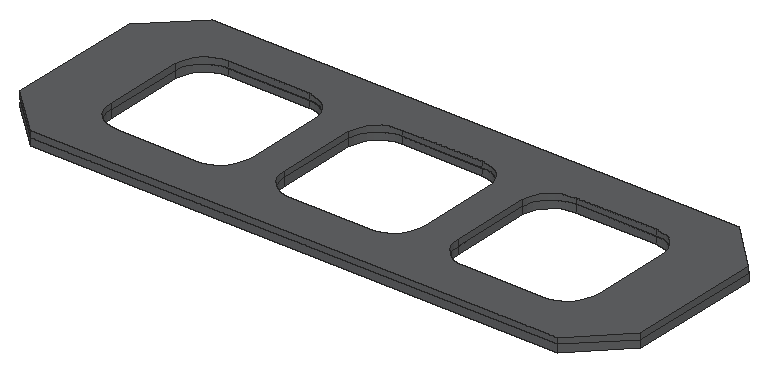
Revit family "Abdeckplatte für Universalträger UT4, mit Einbauöffnungen für 3 EKR-Geräte, 208", category Generic Models, Revit 2015
Parameters (values of type "UT4 D3")
  Width = 76 mm
  URL = "http://www.obo-bettermann.com"
  Material = OBO PA
  Manufacturer Art.No. = "7408789"
  Manufacturer = "OBO Bettermann"
  Length = 208 mm
  Height 1 = 2 mm
  Height = 4.5 mm
  GTIN = "4012196483969"
  Article Type = "UT4 D3"
Reference planes
  plane 1 "Center (Front/Back)": y = 0
  plane 2: z = 0
  plane 3 "Center (Left/Right)": x = 0
  plane 4: z = -2
  plane 5: z = -4.5
Forms (mm)
  Extrusion 1, solid, material "OBO PA" <- "Material"
    sketch origin (0, 0, 0) x (1, 0, 0) y (0, 1, 0)
      loop
        line (88.433, 38) -> (-88.417, 38) -> (-103.98, 23) -> (-103.98, -23) -> (-88.417, -38) -> (88.433, -38) -> (104.02, -22.413) -> (104.02, 22.6) -> (88.433, 38)
      loop
        arc (-71.33, 23.5) -> (-78.401, 20.571) -> (-81.33, 13.5) r 10
        line (-81.33, 13.5) -> (-81.33, -13.5)
        arc (-81.33, -13.5) -> (-78.401, -20.571) -> (-71.33, -23.5) r 10
        line (-71.33, -23.5) -> (-44.33, -23.5)
        arc (-44.33, -23.5) -> (-37.259, -20.571) -> (-34.33, -13.5) r 10
        line (-34.33, -13.5) -> (-34.33, 13.5)
        arc (-34.33, 13.5) -> (-37.259, 20.571) -> (-44.33, 23.5) r 10
        line (-44.33, 23.5) -> (-71.33, 23.5)
      loop
        arc (-13.03, 23.5) -> (-20.101, 20.571) -> (-23.03, 13.5) r 10
        line (-23.03, 13.5) -> (-23.03, -13.5)
        arc (-23.03, -13.5) -> (-20.101, -20.571) -> (-13.03, -23.5) r 10
        line (-13.03, -23.5) -> (13.97, -23.5)
        arc (13.97, -23.5) -> (21.041, -20.571) -> (23.97, -13.5) r 10
        line (23.97, -13.5) -> (23.97, 13.5)
        arc (23.97, 13.5) -> (21.041, 20.571) -> (13.97, 23.5) r 10
        line (13.97, 23.5) -> (-13.03, 23.5)
      loop
        arc (45.27, 23.5) -> (38.199, 20.571) -> (35.27, 13.5) r 10
        line (35.27, 13.5) -> (35.27, -13.5)
        arc (35.27, -13.5) -> (38.199, -20.571) -> (45.27, -23.5) r 10
        line (45.27, -23.5) -> (72.27, -23.5)
        arc (72.27, -23.5) -> (79.341, -20.571) -> (82.27, -13.5) r 10
        line (82.27, -13.5) -> (82.27, 13.5)
        arc (82.27, 13.5) -> (79.341, 20.571) -> (72.27, 23.5) r 10
        line (72.27, 23.5) -> (45.27, 23.5)
    from -2 to 0
  Extrusion 2, solid, material "OBO PA" <- "Material"
    sketch origin (0, 0, 0) x (1, 0, 0) y (0, 1, 0)
      loop
        line (88.433, 38) -> (-88.417, 38) -> (-103.98, 23) -> (-103.98, -23) -> (-88.417, -38) -> (88.433, -38) -> (104.02, -22.413) -> (104.02, 22.6) -> (88.433, 38)
      loop
        line (87.407, 35.5) -> (-87.408, 35.5) -> (-101.48, 21.937) -> (-101.48, -21.937) -> (-87.408, -35.5) -> (87.398, -35.5) -> (101.52, -21.378) -> (101.52, 21.556) -> (87.407, 35.5)
    from -2 to -4.5
  Extrusion 3, solid, material "OBO PA" <- "Material"
    sketch origin (0, 0, 0) x (1, 0, 0) y (0, 1, 0)
      loop
        arc (-71.33, 23.5) -> (-78.401, 20.571) -> (-81.33, 13.5) r 10
        line (-81.33, 13.5) -> (-81.33, -13.5)
        arc (-81.33, -13.5) -> (-78.401, -20.571) -> (-71.33, -23.5) r 10
        line (-71.33, -23.5) -> (-44.33, -23.5)
        arc (-44.33, -23.5) -> (-37.259, -20.571) -> (-34.33, -13.5) r 10
        line (-34.33, -13.5) -> (-34.33, 13.5)
        arc (-34.33, 13.5) -> (-37.259, 20.571) -> (-44.33, 23.5) r 10
        line (-44.33, 23.5) -> (-71.33, 23.5)
      loop
        arc (-71.33, 25) -> (-79.462, 21.632) -> (-82.83, 13.5) r 11.5
        line (-82.83, 13.5) -> (-82.83, -13.5)
        arc (-82.83, -13.5) -> (-79.462, -21.632) -> (-71.33, -25) r 11.5
        line (-71.33, -25) -> (-44.33, -25)
        arc (-44.33, -25) -> (-36.198, -21.632) -> (-32.83, -13.5) r 11.5
        line (-32.83, -13.5) -> (-32.83, 13.5)
        arc (-32.83, 13.5) -> (-36.198, 21.632) -> (-44.33, 25) r 11.5
        line (-44.33, 25) -> (-71.33, 25)
      loop
        arc (-13.03, 23.5) -> (-20.101, 20.571) -> (-23.03, 13.5) r 10
        line (-23.03, 13.5) -> (-23.03, -13.5)
        arc (-23.03, -13.5) -> (-20.101, -20.571) -> (-13.03, -23.5) r 10
        line (-13.03, -23.5) -> (13.97, -23.5)
        arc (13.97, -23.5) -> (21.041, -20.571) -> (23.97, -13.5) r 10
        line (23.97, -13.5) -> (23.97, 13.5)
        arc (23.97, 13.5) -> (21.041, 20.571) -> (13.97, 23.5) r 10
        line (13.97, 23.5) -> (-13.03, 23.5)
      loop
        arc (-13.03, 25) -> (-21.162, 21.632) -> (-24.53, 13.5) r 11.5
        line (-24.53, 13.5) -> (-24.53, -13.5)
        arc (-24.53, -13.5) -> (-21.162, -21.632) -> (-13.03, -25) r 11.5
        line (-13.03, -25) -> (13.97, -25)
        arc (13.97, -25) -> (22.102, -21.632) -> (25.47, -13.5) r 11.5
        line (25.47, -13.5) -> (25.47, 13.5)
        arc (25.47, 13.5) -> (22.102, 21.632) -> (13.97, 25) r 11.5
        line (13.97, 25) -> (-13.03, 25)
      loop
        arc (45.27, 23.5) -> (38.199, 20.571) -> (35.27, 13.5) r 10
        line (35.27, 13.5) -> (35.27, -13.5)
        arc (35.27, -13.5) -> (38.199, -20.571) -> (45.27, -23.5) r 10
        line (45.27, -23.5) -> (72.27, -23.5)
        arc (72.27, -23.5) -> (79.341, -20.571) -> (82.27, -13.5) r 10
        line (82.27, -13.5) -> (82.27, 13.5)
        arc (82.27, 13.5) -> (79.341, 20.571) -> (72.27, 23.5) r 10
        line (72.27, 23.5) -> (45.27, 23.5)
      loop
        arc (45.27, 25) -> (37.138, 21.632) -> (33.77, 13.5) r 11.5
        line (33.77, 13.5) -> (33.77, -13.5)
        arc (33.77, -13.5) -> (37.138, -21.632) -> (45.27, -25) r 11.5
        line (45.27, -25) -> (72.27, -25)
        arc (72.27, -25) -> (80.402, -21.632) -> (83.77, -13.5) r 11.5
        line (83.77, -13.5) -> (83.77, 13.5)
        arc (83.77, 13.5) -> (80.402, 21.632) -> (72.27, 25) r 11.5
        line (72.27, 25) -> (45.27, 25)
    from -2 to -4.5
Dimensions and locks
  "Height": level to plane 5
  "Height 1": level to plane 4
  locked: Extrusion 1 sketch curve to Extrusion 1 sketch curve at 47  (x4)
  equal spacing: Extrusion 1 sketch curve, plane 1 "Center (Front/Back)", Extrusion 1 sketch curve, locked at 23.5 each
  locked: Extrusion 2 to Extrusion 1 sketch curve at 22.65
  locked: Extrusion 1 sketch curve to Extrusion 1 sketch curve at 11.3  (x2)
  aligned and locked: level to plane 2
  aligned and locked: Extrusion 1 to plane 4
  aligned and locked: level to Extrusion 1
  aligned and locked: Extrusion 2 to plane 4
  aligned and locked: Extrusion 2 to plane 5
  aligned and locked: Extrusion 1 sketch curve to Extrusion 2  (x8)
  aligned and locked: Extrusion 1 sketch curve to Extrusion 1 sketch curve  (x4)
  aligned and locked: Extrusion 3 sketch curve to Extrusion 1  (x12)
  aligned and locked: Extrusion 3 to plane 4
  aligned and locked: Extrusion 2 to Extrusion 3
Automatic sketch dimensions
  plane 1 "Center (Front/Back)" to Extrusion 2 sketch curve = 23 mm
  Extrusion 2 sketch curve to plane 3 "Center (Left/Right)" = 103.98 mm
  plane 1 "Center (Front/Back)" to Extrusion 2 sketch curve = 21.937 mm
  Extrusion 2 sketch curve to Extrusion 2 sketch curve = 2.5 mm  (x3)
  Extrusion 2 sketch curve to Extrusion 2 sketch curve = 13.063 mm  (x2)
  plane 1 "Center (Front/Back)" to Extrusion 2 sketch curve = 35.5 mm
  Extrusion 2 sketch curve to Extrusion 2 sketch curve = 1.009 mm  (x2)
  Extrusion 2 sketch curve to plane 1 "Center (Front/Back)" = 35.5 mm
  plane 3 "Center (Left/Right)" to Extrusion 2 sketch curve = 87.398 mm
  Extrusion 2 sketch curve to Extrusion 2 sketch curve = 0.009 mm
  Extrusion 2 sketch curve to plane 1 "Center (Front/Back)" = 38 mm
  Extrusion 2 sketch curve to Extrusion 2 sketch curve = 1.027 mm
  Extrusion 2 sketch curve to Extrusion 2 sketch curve = 1.036 mm  (x2)
  Extrusion 2 sketch curve to plane 1 "Center (Front/Back)" = 21.556 mm
  Extrusion 2 sketch curve to Extrusion 2 sketch curve = 14.113 mm
  Extrusion 2 sketch curve to Extrusion 2 sketch curve = 13.087 mm
  Extrusion 2 sketch curve to Extrusion 2 sketch curve = 13.563 mm
  Extrusion 2 sketch curve to Extrusion 2 sketch curve = 1.044 mm
  Extrusion 2 sketch curve to Extrusion 2 sketch curve = 1.063 mm
  Extrusion 1 sketch curve to Extrusion 1 sketch curve = 10 mm  (x10)
  plane 3 "Center (Left/Right)" to Extrusion 1 sketch curve = 13.97 mm  (x2)
  Extrusion 3 sketch curve to Extrusion 3 sketch curve = 0 mm  (x21)
  Extrusion 3 sketch curve to Extrusion 3 sketch curve = 1.5 mm  (x3)
